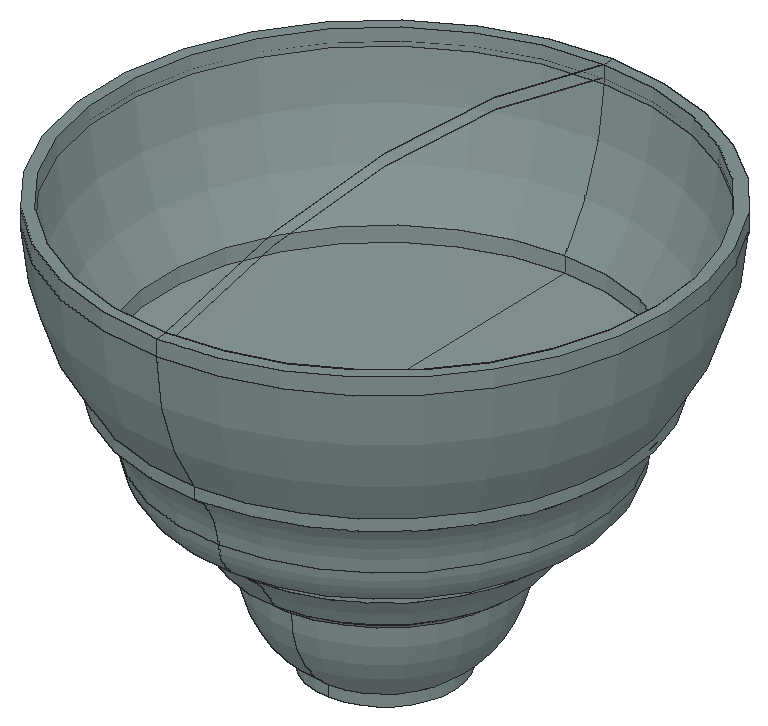
Revit family "PRM2", category Lighting Fixtures, host Face, Revit 2021
Family settings
  Host = Face
  Round Connector Dimension = Use Diameter
  Part Type = Normal
  OmniClass Number = 23.80.70.14
  OmniClass Title = Luminaries for External Lighting
  Cut with Voids When Loaded = No
  Light Source = No
  Shared = No
  Room Calculation Point = No
Parameters (values of type "PRM2 - ATG")
  Wattage Comments = "150-400W"  # constant formula
  Watt = 295 W
  Voltage [instance] = 120 V
  Product Page URL = ""
  Product Documentation Link = ""
  Is Volt [instance] = Voltage : 120V
  URL = "https://www.currentlighting.com/aal"
  Photometric Web [instance] = Web PRM2 : PRM2-H4-250MH
  Horizontal Lamp [instance] = not(Vertical Lamp)  # no
  Model = "PRM2"  # constant formula
  Manufacturer = "Architectural Area Lighting"  # constant formula
  Load Classification = Lighting
  Lamp = "ED-18, ED-23.5 & ED-28"  # constant formula
  Vertical Lamp [instance] = yes
  Glass = Glass-Frosted
  Finish = Aluminum-Antique Green
  Description = "PROMENADE – PRM2"  # constant formula
  Default Elevation = 48.000"
  Apparent Load = 0 VA
Types (14): name | Photometric Web | Horizontal Lamp | Vertical Lamp | Finish
  (no name) | Web PRM2 : PRM2-H4-250MH | no | yes | Aluminum-Antique Green
  PRM2 - AWT | Web PRM2 : PRM2-H2-250W | no | yes | Aluminum-Artic White
  PRM2 - BLK | Web PRM2 : PRM2-H2-250W | no | yes | Aluminum-Black
  PRM2 - MTB | Web PRM2 : PRM2-V3-250MH | no | yes | Aluminum-Matte Black
  PRM2 - DGN | Web PRM2 : PRM2-H2-250W | no | yes | Aluminum-Dark Green
  PRM2 - DBZ | Web PRM2 : PRM2-H2-250W | yes | no | Aluminum-Dark Bronze
  PRM2 - WRZ | Web PRM2 : PRM2-H2-250W | no | yes | Aluminum-Weathered Bronze
  PRM2 - BRM | Web PRM2 : PRM2-H2-250W | no | yes | Aluminum-Metalic Bronze
  PRM2 - VBL | Web PRM2 : PRM2-H2-250W | no | yes | Aluminum-Verde Blue
  PRM2 - CRT | Web PRM2 : PRM2-H2-250W | no | yes | Aluminum-Corten
  PRM2 - MAL | Web PRM2 : PRM2-V5-250MH | yes | no | Aluminum-Matte
  PRM2 - MDG | Web PRM2 : PRM2-H2-250W | no | yes | Aluminum-Medium Grey
  PRM2 - ATG | Web PRM2 : PRM2-H4-250MH | no | yes | Aluminum-Antique Green
  PRM2 - LGY | Web PRM2 : PRM2-H2-250W | no | yes | Aluminum-Light Grey
Reference planes (in)
  plane 1 "Center (Front/Back)": y = 0
  plane 2: z = 0
  plane 3 "Center (Left/Right)": x = 0
  plane 4: z = 20
  plane 5: y = 12.5
  plane 6: y = -12.5
  plane 7: z = 12
Forms (in)
  Revolve 1, solid, material "Aluminum-Antique Green" <- "Finish"
    sketch origin (0, 0, 0) x (0, 1, 0) y (0, 0, 1)
      loop
        line (0, 0) -> (3.06287, 0) -> (3.06287, 0.5)
        arc (3.06287, 0.5) -> (4.57482, 2.15262) -> (5.09943, 4.33021) r 4.48669
        arc (5.09943, 4.33021) -> (5.39903, 4.41441) -> (5.62175, 4.63177) r 0.62988
        line (5.62175, 4.63177) -> (5.62175, 4.88177) -> (6.02826, 4.88177)
        arc (6.02826, 4.88177) -> (6.61659, 5.77829) -> (7.39733, 6.51337) r 4.57812
        line (7.39733, 6.51337) -> (7.39733, 6.91288) -> (7.80531, 6.91288)
        arc (7.80531, 6.91288) -> (8.71851, 7.58594) -> (9.11379, 8.64929) r 1.98445
        arc (9.11379, 8.64929) -> (9.49346, 9.95803) -> (10.38689, 10.98698) r 3.17427
        line (10.38689, 10.98698) -> (10.38689, 11.48698)
        arc (10.38689, 11.48698) -> (11.89338, 14.33969) -> (12.5, 17.50822) r 10.91294
        line (12.5, 17.50822) -> (12.5, 18.23698) -> (11.99911, 18.23698) -> (11.99911, 17.49779)
        arc (11.99911, 17.49779) -> (11.38918, 14.41425) -> (9.88689, 11.65321) r 10.41294
        line (9.88689, 11.65321) -> (9.88689, 10.98698) -> (0, 10.98698) -> (0, 0)
      axis (0, 18.23698) -> (0, 0)
    angle from 0 to 360
  Revolve 2, solid, material "Glass-Frosted" <- "Glass", visible <- "Horizontal Lamp"
    sketch origin (0, 0, 0) x (0, 1, 0) y (0, 0, 1)
      loop
        line (12, 18.05042) -> (0, 18.05042) -> (0, 17.50822) -> (12, 17.50822) -> (12, 18.05042)
      axis (0, 18.05042) -> (0, 17.50822)
    angle from 0 to 360
  Revolve 3, solid, material "Glass-Frosted" <- "Glass", visible <- "Vertical Lamp"
    sketch origin (0, 0, 0) x (0, 1, 0) y (0, 0, 1)
      loop
        arc (12, 18.23671) -> (6.06443, 19.55682) -> (0, 20) r 41.71443
        line (0, 20) -> (0, 19.5)
        arc (0, 19.5) -> (6.06606, 19.05115) -> (12, 17.71436) r 41.21443
        line (12, 17.71436) -> (12, 18.23671)
      axis (0, 20) -> (0, 17.71436)
    angle from 0 to 360
Dimensions and locks (in)
  locked: plane 4 to plane 2 at 20
  equal spacing: plane 5, plane 1 "Center (Front/Back)", plane 6
  plane 5 to plane 6 = 25.000"
  locked: plane 5 to plane 1 "Center (Front/Back)" at 12.5
  locked: plane 7 to plane 2 at 12
  aligned and locked: plane 2 to host face
  aligned and locked: level to host face
  aligned and locked: plane 1 "Center (Front/Back)" to Revolve 1 sketch curve  (x2)
  aligned and locked: plane 5 to Revolve 1 sketch curve
  aligned and locked: plane 1 "Center (Front/Back)" to Revolve 2 sketch curve  (x2)
  aligned and locked: Revolve 1 to Revolve 2 sketch curve
  aligned and locked: plane 1 "Center (Front/Back)" to Revolve 3 sketch curve
  aligned and locked: plane 1 "Center (Front/Back)" to nested 2
  aligned and locked: plane 3 "Center (Left/Right)" to nested 2
Automatic sketch dimensions
  host sketch curve to host sketch curve = 96.000"  (x2)
  Revolve 1 sketch curve to Revolve 1 sketch curve = 0.000"  (x4)
  Revolve 1 sketch curve to level = 0.000"
  Revolve 1 sketch curve to plane 1 "Center (Front/Back)" = 0.6133"
  Revolve 1 sketch curve to plane 1 "Center (Front/Back)" = 1.59615"
  Revolve 1 sketch curve to Revolve 1 sketch curve = 3.06287"
  Revolve 1 sketch curve to Revolve 1 sketch curve = 4.47079"
  Revolve 1 sketch curve to Revolve 1 sketch curve = 0.01534"
  Revolve 1 sketch curve to Revolve 1 sketch curve = 0.52232"
  Revolve 1 sketch curve to Revolve 1 sketch curve = 0.40651"
  Revolve 1 sketch curve to Revolve 1 sketch curve = 1.1054"
  Revolve 1 sketch curve to Revolve 1 sketch curve = 1.36907"
  Revolve 1 sketch curve to Revolve 1 sketch curve = 0.40798"
  Revolve 1 sketch curve to Revolve 1 sketch curve = 1.98013"
  Revolve 1 sketch curve to Revolve 1 sketch curve = 0.7731"
  plane 5 to Revolve 1 sketch curve = 2.37637"
  Revolve 1 sketch curve to Revolve 1 sketch curve = 0.500"  (x2)
  plane 5 to Revolve 1 sketch curve = 0.50089"
  plane 5 to Revolve 1 sketch curve = 0.21886"
  Revolve 1 sketch curve to level = 7.750"
  level to Revolve 1 sketch curve = 0.500"
  level to Revolve 1 sketch curve = 2.83554"
  level to Revolve 1 sketch curve = 4.25899"
  Revolve 1 sketch curve to Revolve 1 sketch curve = 0.30156"
  Revolve 1 sketch curve to Revolve 1 sketch curve = 0.250"
  Revolve 1 sketch curve to Revolve 1 sketch curve = 0.39952"
  Revolve 1 sketch curve to Revolve 1 sketch curve = 1.52698"
  Revolve 1 sketch curve to Revolve 1 sketch curve = 0.16623"
  Revolve 1 sketch curve to plane 4 = 2.49178"
  Revolve 1 sketch curve to Revolve 1 sketch curve = 0.72876"
  plane 4 to Revolve 1 sketch curve = 12.250"
  plane 5 to Revolve 2 sketch curve = 0.500"
  level to Revolve 2 sketch curve = 3.250"
  Revolve 2 sketch curve to Revolve 2 sketch curve = 0.5422"
  plane 4 to Revolve 2 sketch curve = 5.250"
  Revolve 3 sketch curve to Revolve 3 sketch curve = 0.000"
  Revolve 3 sketch curve to plane 1 "Center (Front/Back)" = 0.000"
  plane 5 to Revolve 3 sketch curve = 0.500"
  Revolve 3 sketch curve to Revolve 3 sketch curve = 5.750"  (x2)
  Revolve 3 sketch curve to plane 4 = 2.28564"
  Revolve 3 sketch curve to Revolve 3 sketch curve = 0.52235"
  plane 4 to Revolve 3 sketch curve = 0.000"
Nested families (in)
  nested 1: "Voltage" at (8.73564, -35.19298, 0), type "120V"
  nested 2: "Web PRM2" at (0.23896, -0.03999, 12), type <- "Photometric Web", type "PRM2-H4-250MH"
Connectors (in)
  electrical at (0, 0, 0), driven by "Voltage", driven by "Apparent Load"
    settings: on host face, index 1, voltage 120 V, apparent load 0 VA, apparent load phase1 0 VA, apparent load phase2 0 VA, apparent load phase3 0 VA, power factor 1, load classification "Lighting", number of poles 1, system type 30, power factor state 1, is connector primary yes, connector utility no, sub classification motor no, connector description "Electrical Connector"
Definition of nested family "Voltage"
  Parameters
    Default Elevation = 0.000"
    277V = yes
    240V = no
    208V = no
    120V = no
  Reference planes (in)
    plane 1 "Center (Front/Back)": y = 0
    plane 2: z = 0
    plane 3 "Center (Left/Right)": x = 0
  Dimensions and locks (in)
    aligned and locked: plane 2 to level
Definition of nested family "Web PRM2"
  Parameters
    Wattage Comments = ""
    Wattage = -0.00288337 W
    built-in parameter 1150110 = 1 (stored number, unit not read)
    URL = ""
    built-in parameter 1114217 = 1 (stored number, unit not read)
    Tilt Angle = -90.00°
    built-in parameter 1150109 = 1 (stored number, unit not read)
    built-in parameter 1150134 = (empty or 0)
    built-in parameter 1150113 = 1 (stored number, unit not read)
    Product Page URL = ""
    Product Documentation Link = ""
    Photometric Web File = "PRM2-V5-250MH.IES"
    Model = ""
    Manufacturer Phone = "(864)-678-1000"
    Manufacturer Fax = "(866)-898-1065"
    Manufacturer = "Hubbell Outdoor Lighting"
    built-in parameter 1150105 = 212.72 (stored number, unit not read)
    Lumens = -0.234274 lm
    built-in parameter 1150115 = 1 (stored number, unit not read)
    built-in parameter 1150137 = (empty or 0)
    built-in parameter 1150139 = (empty or 0)
    built-in parameter 1150112 = 1 (stored number, unit not read)
    built-in parameter 1150114 = 1 (stored number, unit not read)
    Lamp = ""
    built-in parameter 1150132 = 1
    built-in parameter 1150102 = (empty or 0)
    built-in parameter 1150107 = 5100 (stored number, unit not read)
    built-in parameter 1150138 = (empty or 0)
    built-in parameter 1150106 = 2.1272 (stored number, unit not read)
    Emit from Circle Diameter = 20.000"  # constant formula
    Emit Shape Visible in Rendering = no
    built-in parameter 1150104 = 7.5484 (stored number, unit not read)
    Dimming Lamp Color Temperature Shift = (empty or 0)
    Description = ""
    Default Elevation = 48.000"
    Color Filter = 16777215
    built-in parameter 1114218 = 1 (stored number, unit not read)
    built-in parameter 1150133 = 10 (stored number, unit not read)
  Reference planes (in)
    plane 1 "Center (Front/Back)": y = 0.03999
    plane 2: z = 0
    plane 3 "Center (Left/Right)": x = -0.23896
  Forms (in)
    Extrusion 1, solid
      sketch origin (0, 0, 0.06357) x (1, 0, 0) y (0, 1, 0)
        loop
          line (-48, 48) -> (-48, -48) -> (48, -48) -> (48, 48) -> (-48, 48)
      from -0.06357 to -6.06357
  Lines and regions (in)
    reference lines
      curve 1: line (-0.23896, 0.03999, 18.11448) -> (-0.23896, 0.03999, -22.88552)
      curve 2: line (-0.23896, 0.03999, 34) -> (-0.23896, 0.03999, -22.88552)
      curve 3: line (-0.23896, 29.03999, 0) -> (-0.23896, -29.96001, 0)
      curve 4: line (-37.23896, 0.03999, 0) -> (40.76104, 0.03999, 0)
  Dimensions and locks (in)
    aligned and locked: plane 2 to Extrusion 1
    aligned and locked: level to Extrusion 1
    aligned and locked: plane 3 "Center (Left/Right)" to imposter light
    aligned and locked: imposter light to plane 1 "Center (Front/Back)"
    aligned and locked: curve 1 to plane 3 "Center (Left/Right)"
    aligned and locked: plane 1 "Center (Front/Back)" to curve 2
    aligned and locked: curve 3 to plane 3 "Center (Left/Right)"
    aligned and locked: plane 1 "Center (Front/Back)" to curve 4
